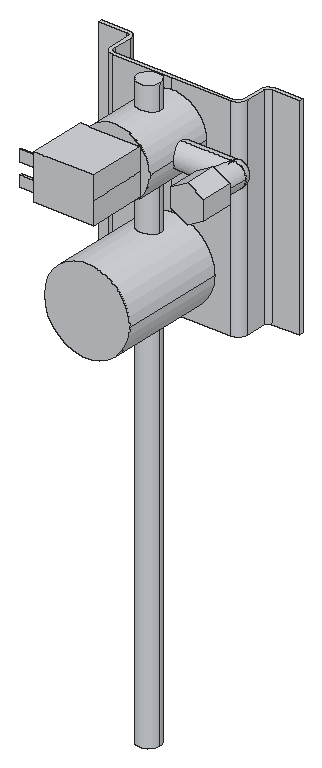
Revit family "E1L1", category Plumbing Fixtures, Revit 2015
Parameters (values of type "2.0 GPM")
  URL = "https://www.willoughby-ind.com/wp-content/uploads/2018/09/E1L1.pdf"
  Revision = "A"
  Model = "E1L1"
  Manufacturer = "Willoughby Industries"
  Flow = 2 GPM
  Description = "Electronic Valve Assy, Single temp"
  Contact Info = "(800) 428-4065"
Types (4): name | URL | Flow
  (no name) | "https://www.willoughby-ind.com/wp-content/uploads/2018/09/E1L1.pdf" | 2 GPM
  0.5 GPM | "https://www.willoughby-ind.com/" | 0.5 GPM
  1.5 GPM | "https://www.willoughby-ind.com/" | 1.5 GPM
  2.0 GPM | "https://www.willoughby-ind.com/wp-content/uploads/2018/09/E1L1.pdf" | 2 GPM
Reference planes (in)
  plane 1 "Center (Front/Back)": y = 0
  plane 2: z = 0
  plane 3 "Center (Left/Right)": x = 0
  plane 4 "ELBOW CONN.": x = 1.85938
Forms (in)
  Extrusion 1, solid
    sketch origin (0, -6.42222, 15.09222) x (0, -1, 0) y (1, 0, 0)
      loop
        line (0.75, 0) -> (0.75, -1.3)
        arc (0.75, -1.3) -> (0.71339, -1.38839) -> (0.625, -1.425) r 0.125
        line (0.625, -1.425) -> (0.195, -1.425)
        arc (0.195, -1.425) -> (0.06085, -1.47835) -> (0, -1.60927) r 0.19531
        line (0, -1.60927) -> (0, -2.20927) -> (0.08, -2.20927) -> (0.08, -1.60927)
        arc (0.08, -1.60927) -> (0.1144, -1.53165) -> (0.195, -1.505) r 0.10477
        line (0.195, -1.505) -> (0.625, -1.505)
        arc (0.625, -1.505) -> (0.76996, -1.44496) -> (0.83, -1.3) r 0.205
        line (0.83, -1.3) -> (0.83, 0) -> (0.83, 1.3)
        arc (0.83, 1.3) -> (0.76996, 1.44496) -> (0.625, 1.505) r 0.205
        line (0.625, 1.505) -> (0.195, 1.505)
        arc (0.195, 1.505) -> (0.1144, 1.53165) -> (0.08, 1.60927) r 0.10477
        line (0.08, 1.60927) -> (0.08, 2.20927) -> (0, 2.20927) -> (0, 1.60927)
        arc (0, 1.60927) -> (0.06085, 1.47835) -> (0.195, 1.425) r 0.19531
        line (0.195, 1.425) -> (0.625, 1.425)
        arc (0.625, 1.425) -> (0.71339, 1.38839) -> (0.75, 1.3) r 0.125
        line (0.75, 1.3) -> (0.75, 0)
    from -4.625 to 0
  Extrusion 2, solid
    sketch origin (0, -6.42222, 15.09222) x (0, -1, 0) y (1, 0, 0)
      loop
        circle (1.47, 0) r 0.25
    from -12.80859 to 0.26953
  Extrusion 3, solid
    sketch origin (0.00457, -6.42222, 17.71352) x (1, 0, 0) y (0, 0, 1)
      loop
        circle (0, -3.59) r 0.75
    from 0.83 to 2.39844
  Extrusion 4, solid
    sketch origin (0, -6.42222, 17.71352) x (1, 0, 0) y (0, 0, 1)
      loop
        circle (0, -6.19) r 0.935
    from 0.83 to 3.17188
  Extrusion 5, solid
    sketch origin (0.00457, -6.42222, 17.71352) x (1, 0, 0) y (0, 0, 1)
      loop
        line (0.55, -3.59) -> (0.55, -3.09) -> (-0.77, -3.09) -> (-0.77, -4.09) -> (0.55, -4.09) -> (0.55, -3.59)
    from 2.39844 to 3.67969
  Extrusion 6, solid
    sketch origin (0, -6.42222, 15.0955) x (0, 0, 1) y (0, -1, 0)
      loop
        circle (-0.97198, 1.47) r 0.275
    from 0 to 1.85937
  Revolve 7, solid
    sketch origin (1.85938, -6.42222, 15.0955) x (0, 1, 0) y (0, 0, 1)
      loop
        arc (-1.47, -1.24698) -> (-1.195, -0.97198) -> (-1.47, -0.69698) r 0.275
        line (-1.47, -0.69698) -> (-1.47, -1.24698)
      axis (-1.47, -1.24698) -> (-1.47, -0.69698)
    angle from 270 to 360
  Extrusion 8, solid
    sketch origin (0, -6.42222, 15.0955) x (1, 0, 0) y (0, 0, 1)
      loop
        circle (1.85938, -0.97198) r 0.275
    from 1.47 to 2.05078
  Extrusion 9, solid
    sketch origin (0, -6.42222, 15.0955) x (1, 0, 0) y (0, 0, 1)
      loop
        line (1.88438, -1.38698) -> (2.24378, -1.17948) -> (2.24378, -0.76448) -> (1.88438, -0.55698) -> (1.52497, -0.76448) -> (1.52497, -1.17948) -> (1.88438, -1.38698)
    from 2.05078 to 2.76172
  Extrusion 10, solid
    sketch origin (0, -6.42222, 15.09222) x (0, 0, 1) y (0, -1, 0)
      loop
        line (-0.8437, 3.58594) -> (-0.8437, 3.55469) -> (-0.5937, 3.55469) -> (-0.5937, 3.58594) -> (-0.8437, 3.58594)
      loop
        line (-1.0937, 3.58594) -> (-1.3437, 3.58594) -> (-1.3437, 3.55469) -> (-1.0937, 3.55469) -> (-1.0937, 3.58594)
    from -1.14062 to 0
Dimensions and locks (in)
  aligned and locked: level to plane 2
  aligned and locked: Revolve 7 sketch curve to Revolve 7 sketch curve
Connectors (in)
  piping at (0, -7.89222, 2.28363), diameter 0.5
    settings: on Extrusion 2, index 1, connector inside diameter 24", connector length 0' - 0", flow factor 0, pipe flow 0 GPM, pressure drop 0.00 psi, fitting loss kfactor 0, connector angle 0.00°, fixture units 0, engagement length 0' - 0", angle of deflection 0.00°, flow configuration 0, flow direction 0, fitting loss method 0, system type 7, joint type 0, gender type 0, connector reference index -1, connector utility 0, adjustable connector no, is connector primary yes, connector description ""
